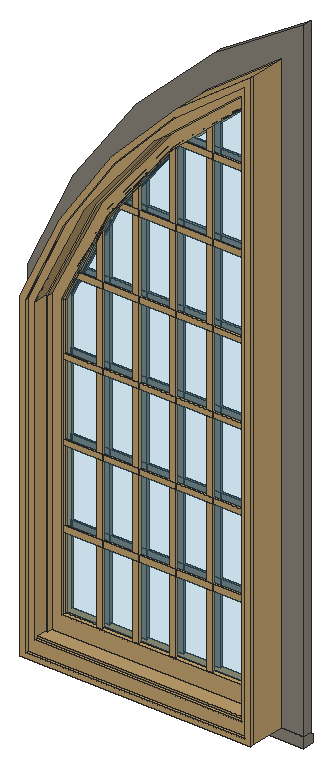
Revit family
Parameters (values of type "CUDHRTP-NG RT26")
  Window Type = "Clad Ultimate DH Round Top Picture RT26 - NG"
  Void Offset 2 = if(Subsill Visibility, 0' 0", 0' 9")  # 0' - 0"
  Void Offset = if(Casing Visibility, 0' 0", 0' 9")  # 0' - 0"
  URL = "www.marvin.com"
  Subsill Height_2 = if(Subsill A217, 0' 1 11/32", 0' 0 9/16")  # 0' - 1 11/32"
  Subsill Height = if(Subsill A217 Visibility, 0' 1 11/32", if(Subsill A246 Visibility, 0' 0 9/16", 0' 0"))  # 0' - 1 11/32"
  Subsill A246 Visibility = and(Subsill Visibility, Subsill A246)  # no
  Subsill A217 Visibility = and(Subsill Visibility, Subsill A217)  # yes
  Radius = 6' - 0"
  Muntins Interior Visibility = yes
  Muntins Interior Material = Wood-Marvin-Pine
  Muntins Exterior Visibility = yes
  Muntins Exterior Material = Aluminum-Marvin-Bronze
  Mask Offset [instance] = if(Inset to Installation Flange = 0' 1 3/32", 0' 0 1/32", 0' 0")  # 0' - 0"
  Lites Wide = 5
  Lites High = 7
  Interior Material = Wood-Marvin-Pine
  Frame = "Aluminum Clad"
  Flat Casing Visibility = and(Casing Visibility, Flat Casing)  # yes
  Egress Window = ""
  Design Pressure = "DP50"
  Cladding Material = Aluminum-Marvin-Bronze
  Center_V = sin(Angle 3) * Radius  # 2' - 1.58429"
  Center_H = cos(Angle 3) * Radius  # 5' - 7.30115"
  Casing Width_2 = if(BMC, 0' 1 5/16", 0' 3")  # 0' - 3"
  Casing Visibility = yes
  Subsill Visibility = yes
  BMC Visibility = and(Casing Visibility, BMC)  # no
  BMC = no
  Flat Casing = not(BMC)  # yes
  Subsill A246 = no
  Subsill A217 = not(Subsill A246)  # yes
  Glazing Material = Glass-Marvin-IG Low E II with Argon
  Springline = 3' - 6"
  Nominal Width = 2' - 6"
  Nominal Height = 6' - 6"
  Model = "CUDHRTP-NG RT26"
  Mask [instance] = Inset to Installation Flange > 0' 1 3/32"  # no
  Manufacturer = "Marvin Windows and Doors"
  Label Visibility = no
  Glass Type = "IG Low E II with Argon"
  Family created by = "www.rbuiltcomponents.com"
  Rough Width = Width + 0' 1"  # 2' - 7"
  Rough Height = Height + 0' 0 1/2"  # 6' - 6 1/2"
  Jamb Extension Visibility = yes
  Inset to Installation Flange [instance] = 0' - 1"
  Height = Nominal Height  # 6' - 6"
  Description = "DH RT26"
  Default Head Height = 8' - 0"
  Wall Closure = (empty or 0)
  Width = Nominal Width  # 2' - 6"
  DLO Width = Width - 0' 6 17/32"  # 1' - 11 15/32"
  DLO Height = Height - 0' 8 5/64"  # 5' - 9 59/64"
  Casing Width = if(BMC Visibility, 0' 1 5/16", if(Flat Casing Visibility, 0' 3", 0' 0"))  # 0' - 3"
  Assembly Code = ""
  Bulge = Radius - (sqrt(Radius ^ 2 - (Chord ^ 2 / 4)))  # 0' - 3.91917"
  Chord = sqrt((Height - Springline) ^ 2 + Width ^ 2)  # 3' - 10.8615"
  Angle 3 = Angle 1 - Angle 2  # 20.8141°
  Angle 2 = asin(0.5 * Chord / Radius)  # 18.9915°
  Angle 1 = asin(Width / Chord)  # 39.8056°
Reference planes (in)
  plane 1 "Center (Front/Back)": y = 0
  plane 2: z = 0
  plane 3 "Center (Left/Right)": x = -3
  plane 4 "Left": x = -18
  plane 5 "Right": x = 12
  plane 6 "Sill": z = 18
  plane 7 "Top": z = 96
  plane 8 "Inset": y = 2
  plane 9 "Glazing": y = 1.40625
  plane 10 "Jamb Ext Face": y = -2.5625
  plane 11: z = 57.77344
  plane 12: z = 60
  plane 13: y = -2.59375
  plane 14: z = 22.8125
  plane 15 "Glazing2": y = 0.40625
  plane 16: z = 92.73438
  plane 17: x = 49.30115
  plane 18: z = 34.41571
Forms (in)
  Sweep 1, solid, material "Wood-Marvin-Pine" <- "Interior Material"
    path origin (0, 2, 0) x (1, 0, 0) y (0, 0, 1)
      loop
        line (12, 18) -> (12, 96)
        arc (12, 96) -> (-6.01079, 80.50899) -> (-18, 60) r 72
        line (-18, 60) -> (-18, 18)
    profile "Profile_Ext_Clad_Frame : Profile_Ext_Clad_Frame" origin (-18, 2, 39) x (1, 0, 0) y (0, -1, 0)
      loop
        line (0, 0) -> (0, -1.09401) -> (0.59375, -1.09401) -> (0.66381, -0.62526) -> (0.9375, -0.62526) -> (0.9375, -0.21901) -> (1.78125, -0.21901) -> (1.78125, 0.12474) -> (1.5625, 0.12474) -> (1.5625, 2) -> (1.78125, 2) -> (1.78125, 2.75) -> (1.5, 2.75) -> (1.5, 4.5625) -> (0, 4.5625) -> (0, 0.0625) -> (0.0625, 0.0625) -> (0.0625, 0) -> (0, 0)
  Extrusion 2, solid, material "Glass-Marvin-IG Low E II with Argon" <- "Glazing Material"
    sketch origin (0, 1.40625, 0) x (1, 0, 0) y (0, 0, 1)
      loop
        line (9.48437, 22.07813) -> (9.48437, 91.36045)
        arc (9.48437, 91.36045) -> (-5.36735, 77.30433) -> (-15.48438, 59.53373) r 69.48437
        line (-15.48438, 59.53373) -> (-15.48438, 22.07813) -> (9.48437, 22.07813)
    from 0 to 0.1875
  Extrusion 3, void
    sketch origin (0, 0, 0) x (1, 0, 0) y (0, 0, 1)
      loop
        line (12, 18) -> (12, 96)
        arc (12, 96) -> (-6.01079, 80.50899) -> (-18, 60) r 72
        line (-18, 60) -> (-18, 18) -> (12, 18)
    from -3 to 3
  Sweep 4, solid, material "Aluminum-Marvin-Bronze" <- "Cladding Material", visible <- "BMC Visibility"
    path origin (0, 2, 0) x (1, 0, 0) y (0, 0, 1)
      loop
        line (12, 18) -> (12, 96)
        arc (12, 96) -> (-6.01079, 80.50899) -> (-18, 60) r 72
        line (-18, 60) -> (-18, 18)
    profile "BMC_Clad : BMC_Clad" origin (-18, 2, 39) x (1, 0, 0) y (0, -1, 0)
      loop
        line (-0.71589, -1.25) -> (-0.38081, -1.09375) -> (0, -1.09375) -> (0, 0) -> (-1.3125, 0) -> (-1.3125, -1.25) -> (-0.71589, -1.25)
  Sweep 5, solid, material "Aluminum-Marvin-Bronze" <- "Cladding Material", visible <- "Flat Casing Visibility"
    path origin (0, 2, 0) x (1, 0, 0) y (0, 0, 1)
      loop
        line (-18, 18) -> (-18, 60)
        arc (-18, 60) -> (-6.01079, 80.50899) -> (12, 96) r 72
        line (12, 96) -> (12, 18)
    profile "Flat_Casing_Clad : Flat_Casing_Clad" origin (12, 2, 57) x (1, 0, 0) y (0, -1, 0)
      loop
        line (3, -1.09375) -> (3, 0) -> (0, 0) -> (0, -1.09375) -> (3, -1.09375)
  Sweep 6, solid, material "Aluminum-Marvin-Bronze" <- "Cladding Material", visible <- "Subsill Visibility"
    path origin (0, 2, 0) x (1, 0, 0) y (0, 0, 1)
      loop
        line (15, 18) -> (-21, 18)
    profile origin (-3, 2, 18) x (0, 0, -1) y (0, -1, 0)
      loop
        line (0, 0) -> (0, -1.09401) -> (0.15265, -1.09401) -> (0.1875, -1.34375) -> (1.34375, -1.34375) -> (1.34375, 0) -> (0, 0)
  Sweep 7, void
    path origin (0, 2, 0) x (1, 0, 0) y (0, 0, 1)
      loop
        line (-18, 18) -> (-18, 60)
        arc (-18, 60) -> (-6.01079, 80.50899) -> (12, 96) r 72
        line (12, 96) -> (12, 18)
    profile origin (12, 2, 57) x (0, -1, 0) y (1, 0, 0)
      loop
        line (0, 0) -> (0, 3) -> (-13, 3) -> (-13, 0) -> (0, 0)
  Sweep 8, void
    path origin (0, 2, 0) x (1, 0, 0) y (0, 0, 1)
      loop
        line (-21, 18) -> (15, 18)
    profile origin (-3, 2, 18) x (0, 0, 1) y (0, -1, 0)
      loop
        line (0, 0) -> (-1.34375, 0) -> (-1.34375, -12) -> (0, -12) -> (0, 0)
  Sweep 9, solid, material "Wood-Marvin-Pine" <- "Interior Material", visible <- "Jamb Extension Visibility"
    path origin (0, -2.5625, 0) x (1, 0, 0) y (0, 0, 1)
      loop
        line (12, 18) -> (12, 96)
        arc (12, 96) -> (-6.01079, 80.50899) -> (-18, 60) r 72
        line (-18, 60) -> (-18, 18) -> (12, 18)
    profile origin (-3, -2.5625, 18) x (0, 0, -1) y (0, -1, 0)
      loop
        line (0, 0.03125) -> (0, 0.4375) -> (-0.6875, 0.4375) -> (-0.6875, 0.03125) -> (0, 0.03125)
  Sweep 10, solid, material "Wood-Marvin-Pine" <- "Interior Material"
    path origin (0, 2, 0) x (1, 0, 0) y (0, 0, 1)
      loop
        line (-18, 18) -> (12, 18)
    profile "Clad Sill : Clad Sill" origin (-3, 2, 18) x (0, 0, 1) y (0, -1, 0)
      loop
        line (0, 4.5625) -> (0, -1.09375) -> (0.59375, -1.09375) -> (0.72218, -0.23438) -> (0.80316, -0.23438) -> (1.36026, 2) -> (2.46875, 2) -> (2.46875, 4.09375) -> (2.22769, 4.09375) -> (2.22769, 4.5625) -> (0, 4.5625)
  Sweep 11, solid, material "Wood-Marvin-Pine" <- "Interior Material"
    path origin (0, 2, 0) x (1, 0, 0) y (0, 0, 1)
      loop
        arc (12, 96) -> (-6.01079, 80.50899) -> (-18, 60) r 72
        line (-18, 60) -> (-18, 19.5625) -> (12, 19.5625) -> (12, 96)
    profile "Sash : Sash" origin (12, 2, 57.78125) x (1, 0, 0) y (0, -1, 0)
      loop
        line (-1.60938, 0.59375) -> (-1.60937, 2) -> (-3.04662, 2) -> (-3.04662, 1.93308) -> (-3.26562, 1.71407) -> (-3.26562, 1.5625) -> (-2.51562, 1.5625) -> (-2.51563, 0.59375) -> (-3.26562, 0.59375) -> (-3.26562, 0.5578) -> (-3.07813, 0.40113) -> (-3.07813, 0.25) -> (-1.60938, 0.25) -> (-1.60938, 0.59375)
  Extrusion 12, solid, material "Glass-Marvin-IG Low E II with Argon" <- "Glazing Material"
    sketch origin (0, 0.40625, 0) x (1, 0, 0) y (0, 0, 1)
      loop
        arc (9.48437, 91.36045) -> (-5.36735, 77.30433) -> (-15.48438, 59.53373) r 69.48437
        line (-15.48438, 59.53373) -> (-15.48438, 22.07813) -> (9.48437, 22.07813) -> (9.48437, 91.36045)
    from 0 to -0.1875
  Sweep 13, solid, material "Wood-Marvin-Pine" <- "Interior Material"
    path in 3D
      loop
        line (10.39062, 1.75, 21.17188) -> (-16.39063, 1.75, 21.17188)
    profile "Clad Sash bottom ext : Clad Sash bottom ext" origin (-3, 1.75, 21.17188) x (0, 1, 0) y (0, 0, -1)
      loop
        line (-1.75, 1.8125) -> (-1.75, 0) -> (0, 0) -> (0, 2.1875) -> (-0.25, 2.1875) -> (-0.25, 1.8125) -> (-1.75, 1.8125)
Cuts and joins
  joined: Sweep 1, Sweep 10
  joined: Sweep 11, Sweep 13
Lines and regions (in)
  Masking region 1
    outline origin (0, 0, 18) x (0, -1, 0) y (1, 0, 0)
      loop
        line (-3.09401, -18) -> (2.5625, -18) -> (2.5625, 12) -> (-3.09401, 12) -> (-3.09401, -18)
  Masking region 2
    outline origin (-3, 0, 0) x (0, 1, 0) y (0, 0, 1)
      loop
        line (3.09375, 96) -> (-2.5625, 96) -> (-2.5625, 18) -> (3.09375, 18) -> (3.09375, 96)
  Masking region 3, visible <- "Mask"
    outline origin (0, 0, 18) x (0, -1, 0) y (1, 0, 0)
      loop
        line (-3.09401, -21) -> (-3, -21) -> (-3, 15) -> (-3.09401, 15) -> (-3.09401, -21)
  Masking region 4, visible <- "Mask"
    outline origin (-3, 0, 0) x (0, 1, 0) y (0, 0, 1)
      loop
        line (3.09375, 99) -> (3, 99) -> (3, 16.65625) -> (3.09375, 16.65625) -> (3.09375, 99)
  Masking region 5, visible <- "Casing Visibility"
    outline origin (0, 0, 18) x (0, -1, 0) y (1, 0, 0)
      loop
        line (-3.09375, -21) -> (-2, -21) -> (-2, -18) -> (-3.09375, -18) -> (-3.09375, -21)
      loop
        line (-3.09375, 12) -> (-2, 12) -> (-2, 15) -> (-3.09375, 15) -> (-3.09375, 12)
  Masking region 6, visible <- "Subsill Visibility"
    outline origin (-3, 0, 0) x (0, 1, 0) y (0, 0, 1)
      loop
        line (3.34375, 16.65625) -> (3.34375, 17.8125) -> (3.09401, 17.84735) -> (3.09401, 18) -> (2, 18) -> (2, 16.65625) -> (3.34375, 16.65625)
  Masking region 7, visible <- "Casing Visibility"
    outline origin (-3, 0, 0) x (0, 1, 0) y (0, 0, 1)
      loop
        line (3.09375, 99) -> (2, 99) -> (2, 96) -> (3.09375, 96) -> (3.09375, 99)
  Masking region 8
    outline origin (0, 0, 18) x (0, -1, 0) y (1, 0, 0)
      loop
        line (2.59375, -18) -> (3, -18) -> (3, 12) -> (2.59375, 12) -> (2.59375, -18)
  Masking region 9
    outline origin (-3, 0, 0) x (0, 1, 0) y (0, 0, 1)
      loop
        line (-2.59375, 96) -> (-3, 96) -> (-3, 18) -> (-2.59375, 18) -> (-2.59375, 96)
  Split face 1
    outline origin (-18, 2, 18) x (0, 0, -1) y (0, -1, 0)
      loop
        line (-0.8616, 0) -> (0, 0)
  Split face 2
    outline origin (12, 2, 18) x (0, -1, 0) y (0, 0, -1)
      loop
        line (0, -0.8616) -> (0, 0)
  Split face 3
    outline origin (-18, 3.09375, 18) x (0, -1, 0) y (1, 0, 0)
      loop
        line (1.09375, 30) -> (1.09375, 0)
  symbolic lines, style "Jamb Extension", visible <- "Jamb Extension Visibility", detail levels fine
    curve 1: line (-3, -3, 95.3125) -> (-3, -2.59375, 95.3125)
    curve 2: line (-3, -3, 18.6875) -> (-3, -2.59375, 18.6875)
    curve 34: line (-17.3125, -2.59375, 18) -> (-17.3125, -3, 18)
    curve 35: line (11.3125, -3, 18) -> (11.3125, -2.59375, 18)
    curve 36: line (12, -3, 18) -> (11.3125, -3, 18)
    curve 37: line (-17.3125, -3, 18) -> (-18, -3, 18)
  symbolic lines, style "WindowsFrameMullionProjection", detail levels coarse+medium
    curve 3: line (12, -2.5625, 18) -> (10.5, -2.5625, 18)
    curve 4: line (-18, -2.5625, 18) -> (-16.5, -2.5625, 18)
    curve 5: line (-3, 3.09401, 96) -> (-3, 3.09401, 94.5)
    curve 6: line (-3, 3.09401, 94.5) -> (-3, -2.5625, 94.5)
    curve 7: line (-3, -2.5625, 94.5) -> (-3, -2.5625, 96)
    curve 8: line (-3, 1.75, 94.5) -> (-3, 1.75, 92.73438)
    curve 9: line (-3, 1.75, 92.73438) -> (-3, 0, 92.73438)
    curve 10: line (-3, 0, 19.36026) -> (-3, 0, 22.8125)
    curve 11: line (-3, 3.09401, 18) -> (-3, 3.09401, 18.58883)
    curve 12: line (-3, -2.5625, 20.46875) -> (-3, -2.5625, 18)
    curve 13: line (-3, 1.75, 22.8125) -> (-3, 0, 22.8125)
    curve 14: line (-3, 0, 22.8125) -> (-3, 0, 92.73438)
    curve 15: line (-3, 1.75, 22.8125) -> (-3, 1.75, 18.92393)
    curve 16: line (-3, 0, 92.73438) -> (-3, 0, 94.5)
    curve 17: line (-3, 1.75, 92.73438) -> (-3, 1.75, 22.8125)
    curve 58: line (-3, -3, 96) -> (-3, 3.09375, 96)
    curve 69: line (-18, 3.09375, 18) -> (-18, -3, 18)
    curve 70: line (12, -3, 18) -> (12, 3.09375, 18)
    curve 78: line (-3, 0, 19.36026) -> (-3, 3.09401, 18.58883)
    curve 79: line (-3, 0, 20.46875) -> (-3, -2.5625, 20.46875)
    curve 80: line (10.5, -2.5625, 18) -> (10.5, 3.09401, 18)
    curve 81: line (10.5, 3.09401, 18) -> (12, 3.09401, 18)
    curve 82: line (10.5, 1.75, 18) -> (8.73437, 1.75, 18)
    curve 83: line (8.73437, 1.75, 18) -> (8.73437, 0, 18)
    curve 84: line (-16.5, 0, 18) -> (-14.73438, 0, 18)
    curve 85: line (-16.5, -2.5625, 18) -> (-16.5, 3.09401, 18)
    curve 86: line (-16.5, 3.09401, 18) -> (-18, 3.09401, 18)
    curve 87: line (-14.73438, 1.75, 18) -> (-14.73438, 0, 18)
    curve 88: line (8.73437, 1.75, 18) -> (-14.73438, 1.75, 18)
    curve 89: line (8.73437, 0, 18) -> (10.5, 0, 18)
    curve 90: line (-14.73438, 1.75, 18) -> (-16.5, 1.75, 18)
    curve 92: line (-14.73438, 0, 18) -> (8.73437, 0, 18)
  symbolic lines, style "Jamb Extension", visible <- "Jamb Extension Visibility"
    curve 18: line (-3, -3, 18.6875) -> (-3, -3, 18)
    curve 19: line (-3, -3, 95.3125) -> (-3, -3, 96)
  symbolic lines, style "WindowsFrameMullionProjection", visible <- "Jamb Extension Visibility", detail levels coarse+medium
    curve 20: line (-3, -2.59375, 95.3125) -> (-3, -3, 95.3125)
    curve 21: line (-3, -3, 95.3125) -> (-3, -3, 96)
    curve 22: line (-3, -2.59375, 18.6875) -> (-3, -3, 18.6875)
    curve 23: line (-3, -3, 18.6875) -> (-3, -3, 18)
    curve 38: line (-17.3125, -2.59375, 18) -> (-17.3125, -3, 18)
    curve 39: line (-18, -3, 18) -> (-17.3125, -3, 18)
    curve 40: line (11.3125, -3, 18) -> (11.3125, -2.59375, 18)
    curve 41: line (11.3125, -3, 18) -> (12, -3, 18)
  symbolic lines, style "Jamb Extension", visible <- "BMC Visibility", detail levels fine
    curve 24: line (-19.3125, 3.25, 18) -> (-18.71589, 3.25, 18)
    curve 25: line (-18.71589, 3.25, 18) -> (-18.38081, 3.09375, 18)
    curve 26: line (-19.3125, 3.09375, 18) -> (-19.3125, 3.25, 18)
    curve 27: line (12.71589, 3.25, 18) -> (13.3125, 3.25, 18)
    curve 28: line (12.38081, 3.09375, 18) -> (12.71589, 3.25, 18)
    curve 29: line (13.3125, 3.25, 18) -> (13.3125, 3.09375, 18)
    curve 30: line (-18.38081, 3.09375, 18) -> (-18, 3.09375, 18)
    curve 31: line (12.38081, 3.09375, 18) -> (12, 3.09375, 18)
    curve 60: line (-3, 3.25, 96.65144) -> (-3, 3.25, 99)
    curve 61: line (-3, 3.09375, 96) -> (-3, 3.09375, 96.38081)
    curve 62: line (-3, 3.09375, 96.38081) -> (-3, 3.25, 96.65144)
    curve 63: line (-3, 3.25, 99) -> (-3, 3.09375, 99)
  symbolic lines, style "Jamb Extension", visible <- "Flat Casing Visibility", detail levels fine
    curve 32: line (-18, 3.09375, 18) -> (-21, 3.09375, 18)
    curve 33: line (15, 3.09375, 18) -> (12, 3.09375, 18)
    curve 67: line (-3, 3.09375, 96) -> (-3, 3.09375, 99)
    curve 68: line (-3, 3.09375, 99) -> (-3, 2, 99)
  symbolic lines, style "WindowsFrameMullionProjection", visible <- "BMC Visibility", detail levels coarse+medium
    curve 42: line (-19.3125, 2, 18) -> (-19.3125, 3.25, 18)
    curve 43: line (-19.3125, 3.25, 18) -> (-18.71589, 3.25, 18)
    curve 44: line (-18.71589, 3.25, 18) -> (-18.38081, 3.09375, 18)
    curve 45: line (-18.38081, 3.09375, 18) -> (-18, 3.09375, 18)
    curve 46: line (13.3125, 3.25, 18) -> (13.3125, 2, 18)
    curve 47: line (12.38081, 3.09375, 18) -> (12.71589, 3.25, 18)
    curve 48: line (12.71589, 3.25, 18) -> (13.3125, 3.25, 18)
    curve 49: line (12, 3.09375, 18) -> (12.38081, 3.09375, 18)
    curve 55: line (-3, 3.25, 96.65144) -> (-3, 3.25, 99)
    curve 56: line (-3, 3.09375, 96) -> (-3, 3.09375, 96.38081)
    curve 57: line (-3, 3.09375, 96.38081) -> (-3, 3.25, 96.65144)
    curve 59: line (-3, 3.25, 99) -> (-3, 2, 99)
    curve 93: line (12, 3.09375, 18) -> (12.38081, 3.09375, 18)
  symbolic lines, style "WindowsFrameMullionProjection", visible <- "Flat Casing Visibility", detail levels coarse+medium
    curve 50: line (15, 3.09375, 18) -> (12, 3.09375, 18)
    curve 51: line (15, 3.09375, 18) -> (15, 2, 18)
    curve 52: line (-21, 2, 18) -> (-21, 3.09375, 18)
    curve 53: line (-18, 3.09375, 18) -> (-21, 3.09375, 18)
    curve 65: line (-3, 3.09375, 96) -> (-3, 3.09375, 99)
    curve 66: line (-3, 3.09375, 99) -> (-3, 2, 99)
  symbolic lines, style "WindowsGlassProjection", detail levels coarse+medium
    curve 54: line (-3, 0.875, 22.8125) -> (-3, 0.875, 92.73438)
    curve 91: line (-14.73438, 0.875, 18) -> (8.73437, 0.875, 18)
  symbolic lines, style "WindowsFrameMullionProjection", visible <- "Casing Visibility", detail levels coarse+medium
    curve 64: line (-3, 2, 99) -> (-3, 2, 96)
  symbolic lines, style "WindowsFrameMullionProjection", visible <- "Subsill Visibility", detail levels coarse+medium
    curve 71: line (-3, 3.09401, 17.84735) -> (-3, 3.09401, 18)
    curve 72: line (-3, 3.34375, 17.8125) -> (-3, 3.09401, 17.84735)
    curve 73: line (-3, 3.34375, 16.65625) -> (-3, 3.34375, 17.8125)
    curve 74: line (-3, 2, 16.65625) -> (-3, 3.34375, 16.65625)
  reference lines
    curve 75: line (-18, 2, 60) -> (12, 2, 96)
    curve 76: arc (-18, 2, 60) -> (-6.01079, 2, 80.50899) -> (12, 2, 96) r 72
  sketch lines
    curve 77: line (10.39062, 1.75, 21.17188) -> (-16.39063, 1.75, 21.17188)
Text (in)
  text "EXTERIOR" at (-58.6888, 50.90694, 0), in view "Ref. Level"
  text "INTERIOR" at (-58.6888, -37.76638, 0), in view "Ref. Level"
  text "Exterior" at (0, 43.65631, 123.19604), in view "Left"
  text "Exterior" at (0, 18.29385, 125.04747), in view "Right"
Dimensions and locks (in)
  equal spacing: plane 4 "Left", plane 3 "Center (Left/Right)", plane 5 "Right"
  "Width": plane 4 "Left" to plane 5 "Right"
  "Height": plane 6 "Sill" to plane 7 "Top"
  "Inset to Installation Flange": host wall to plane 8 "Inset"
  plane 15 "Glazing2" to plane 9 "Glazing" to plane 8 "Inset" = 0' - 1" locked, 0' - 0 19/32" locked
  locked: plane 10 "Jamb Ext Face" to plane 8 "Inset" at 4.5625
  "Default Head Height": plane 2 to plane 7 "Top"
  locked: nested 2 to host wall at 12.00106
  plane 9 "Glazing" to Extrusion 2 = 0' - 0 3/16"
  locked: curve 20 to plane 7 "Top" at 0.6875
  locked: plane 6 "Sill" to curve 22 at 0.6875
  equal spacing: plane 14, plane 11, plane 16
  "Casing Width": plane 5 "Right" to Sweep 6 sketch curve
  "Casing Width": Sweep 6 sketch curve to plane 4 "Left"
  locked: Sweep 6 sketch curve to Sweep 6 sketch curve at 1.34375
  "Subsill Height_2": Sweep 6 sketch curve to plane 6 "Sill"
  "Casing Width": Masking region 3 sketch curve to plane 4 "Left"
  "Casing Width": plane 5 "Right" to Masking region 3 sketch curve
  "Casing Width_2": Masking region 5 sketch curve to plane 4 "Left"
  "Casing Width_2": plane 5 "Right" to Masking region 5 sketch curve
  "Subsill Height": Masking region 4 sketch curve to plane 6 "Sill"
  "Casing Width": plane 7 "Top" to Masking region 4 sketch curve
  "Casing Width_2": plane 7 "Top" to Masking region 7 sketch curve
  "Casing Width_2": plane 5 "Right" to Sweep 7 sketch curve
  "Void Offset": plane 8 "Inset" to Sweep 7 sketch curve
  locked: Sweep 7 sketch curve to host wall at 12
  "Casing Width": Sweep 8 sketch curve to plane 4 "Left"
  "Casing Width": plane 5 "Right" to Sweep 8 sketch curve
  locked: Sweep 8 sketch curve to plane 8 "Inset" at 12
  "Void Offset 2": Sweep 8 sketch curve to plane 8 "Inset"
  "Subsill Height_2": Sweep 8 sketch curve to plane 6 "Sill"
  "Springline": plane 6 "Sill" to plane 12
  locked: Sweep 9 sketch curve to profile plane at 0.6875
  locked: plane 9 "Glazing" to nested 5 at 1.03125
  locked: plane 13 to plane 10 "Jamb Ext Face" at 0.03125
  "Mask Offset": Masking region 3 sketch curve to host wall
  "Mask Offset": Masking region 4 sketch curve to host wall
  locked: plane 6 "Sill" to plane 14 at 4.8125
  locked: Sweep 11 sketch curve to plane 14 at 3.25
  locked: plane 16 to plane 7 "Top" at 3.26563
  equal spacing: curve 15, curve 54, curve 10
  equal spacing: curve 90, curve 91, curve 84
  "Center_H": plane 4 "Left" to plane 17
  "Center_V": plane 18 to plane 12
  "Radius": radius of curve 76
  aligned and locked: nested 1 to plane 3 "Center (Left/Right)"
  aligned and locked: plane 8 "Inset" to nested 1
  aligned and locked: plane 5 "Right" to Sweep 1 sketch curve
  aligned and locked: plane 5 "Right" to Masking region 1 sketch curve
  aligned and locked: Masking region 1 sketch curve to plane 4 "Left"
  aligned and locked: plane 7 "Top" to Masking region 2 sketch curve
  aligned and locked: Masking region 2 sketch curve to plane 6 "Sill"
  aligned and locked: plane 3 "Center (Left/Right)" to nested 2
  aligned and locked: curve 12 to plane 10 "Jamb Ext Face"
  aligned and locked: plane 6 "Sill" to curve 18
  aligned and locked: curve 18 to host wall
  aligned and locked: host wall to curve 21
  aligned and locked: plane 6 "Sill" to curve 23
  aligned and locked: Extrusion 2 to plane 9 "Glazing"
  aligned and locked: plane 9 "Glazing" to Extrusion 2
  aligned and locked: nested 3 to plane 6 "Sill"
  aligned and locked: host wall to Extrusion 3  (x2)
  aligned and locked: plane 5 "Right" to Extrusion 3 sketch curve
  aligned and locked: Extrusion 3 sketch curve to plane 6 "Sill"
  aligned and locked: Extrusion 3 sketch curve to plane 4 "Left"
  aligned and locked: plane 5 "Right" to Sweep 4 sketch curve  (x2)
  aligned and locked: plane 6 "Sill" to Sweep 6 sketch curve  (x2)
  aligned and locked: Sweep 6 sketch curve to plane 8 "Inset"
  aligned and locked: plane 4 "Left" to Masking region 5 sketch curve
  aligned and locked: Masking region 5 sketch curve to plane 8 "Inset"  (x2)
  aligned and locked: Masking region 5 sketch curve to plane 5 "Right"
  aligned and locked: curve 24 to Sweep 4
  aligned and locked: Sweep 4 to curve 25
  aligned and locked: Sweep 4 to curve 26
  aligned and locked: curve 28 to Sweep 4
  aligned and locked: curve 31 to Sweep 4
  aligned and locked: plane 5 "Right" to curve 31
  aligned and locked: curve 32 to Masking region 5
  aligned and locked: curve 42 to Sweep 4
  aligned and locked: curve 45 to Sweep 4
  aligned and locked: curve 46 to Sweep 4
  aligned and locked: curve 50 to Masking region 5
  aligned and locked: curve 51 to Sweep 5
  aligned and locked: curve 52 to Sweep 5
  aligned and locked: Masking region 2 sketch curve to Sweep 5
  aligned and locked: nested 3 to plane 8 "Inset"
  aligned and locked: Masking region 4 sketch curve to Sweep 5
  aligned and locked: Masking region 6 sketch curve to Sweep 6  (x6)
  aligned and locked: Masking region 7 sketch curve to plane 7 "Top"
  aligned and locked: Masking region 7 sketch curve to plane 8 "Inset"
  aligned and locked: Sweep 5 to Masking region 7 sketch curve
  aligned and locked: Sweep 4 to curve 56
  aligned and locked: curve 58 to nested 3
  aligned and locked: curve 59 to Masking region 7
  aligned and locked: Sweep 4 to curve 60
  aligned and locked: curve 64 to Sweep 4
  aligned and locked: curve 68 to Masking region 7
  aligned and locked: curve 69 to Sweep 5
  aligned and locked: curve 70 to Sweep 5
  aligned and locked: curve 71 to Sweep 6
  aligned and locked: curve 72 to Sweep 6
  aligned and locked: curve 73 to Sweep 6
  aligned and locked: curve 74 to Sweep 6
  aligned and locked: plane 5 "Right" to Sweep 7 sketch curve
  aligned and locked: Sweep 8 sketch curve to plane 6 "Sill"  (x2)
  aligned and locked: Sweep 5 sketch curve to plane 5 "Right"
  aligned and locked: Sweep 7 sketch curve to plane 5 "Right"
  aligned and locked: Sweep 9 sketch curve to plane 6 "Sill"
  aligned and locked: Sweep 9 sketch curve to plane 5 "Right"
  aligned and locked: host wall to Sweep 9 sketch curve
  aligned and locked: plane 6 "Sill" to Sweep 9 sketch curve
  aligned and locked: plane 7 "Top" to curve 76
  aligned and locked: plane 4 "Left" to curve 76
  aligned and locked: plane 4 "Left" to Sweep 1 sketch curve
  aligned and locked: plane 4 "Left" to Sweep 4 sketch curve
  aligned and locked: plane 4 "Left" to Sweep 7 sketch curve
  aligned and locked: nested 4 to plane 9 "Glazing"
  aligned and locked: nested 4 to plane 3 "Center (Left/Right)"
  aligned and locked: nested 4 to plane 11
  aligned and locked: plane 3 "Center (Left/Right)" to nested 5
  aligned and locked: plane 11 to nested 5
  aligned and locked: host wall to curve 69
  aligned and locked: host wall to curve 70
  aligned and locked: Sweep 9 sketch curve to plane 13
  aligned and locked: plane 13 to curve 35
  aligned and locked: plane 13 to curve 40
  aligned and locked: plane 13 to curve 34
  aligned and locked: plane 13 to curve 38
  aligned and locked: Masking region 1 sketch curve to plane 10 "Jamb Ext Face"
  aligned and locked: Masking region 8 sketch curve to plane 4 "Left"
  aligned and locked: plane 5 "Right" to Masking region 8 sketch curve
  aligned and locked: plane 13 to Masking region 8 sketch curve
  aligned and locked: Masking region 8 sketch curve to host wall
  aligned and locked: plane 13 to curve 2
  aligned and locked: plane 13 to curve 22
  aligned and locked: plane 13 to curve 1
  aligned and locked: plane 13 to curve 20
  aligned and locked: Masking region 2 sketch curve to plane 10 "Jamb Ext Face"
  aligned and locked: plane 7 "Top" to Masking region 9 sketch curve
  aligned and locked: Masking region 9 sketch curve to plane 6 "Sill"
  aligned and locked: plane 13 to Masking region 9 sketch curve
  aligned and locked: Masking region 9 sketch curve to host wall
  aligned and locked: plane 6 "Sill" to Sweep 10 sketch curve
  aligned and locked: plane 5 "Right" to Sweep 10 sketch curve
  aligned and locked: plane 4 "Left" to Sweep 10 sketch curve
  aligned and locked: plane 5 "Right" to Sweep 11 sketch curve
  aligned and locked: plane 4 "Left" to Sweep 11 sketch curve
  aligned and locked: Sweep 11 sketch curve to curve 76
  aligned and locked: Extrusion 12 sketch curve to Sweep 11  (x4)
  aligned and locked: Extrusion 2 sketch curve to Sweep 11  (x4)
  aligned and locked: plane 14 to curve 13
  aligned and locked: curve 78 to nested 3
  aligned and locked: curve 79 to nested 3
  aligned and locked: curve 15 to nested 3
  aligned and locked: curve 11 to nested 3
  aligned and locked: curve 6 to nested 3
  aligned and locked: curve 5 to nested 3
  aligned and locked: plane 16 to curve 9
  aligned and locked: curve 8 to nested 3
  aligned and locked: curve 16 to nested 3
  aligned and locked: Masking region 1 sketch curve to Sweep 6
  aligned and locked: Masking region 3 sketch curve to Sweep 6
  aligned and locked: Masking region 5 sketch curve to Sweep 5  (x2)
  aligned and locked: curve 83 to curve 91
  aligned and locked: curve 87 to curve 92
  aligned and locked: curve 84 to curve 92
  aligned and locked: curve 86 to nested 1
  aligned and locked: curve 85 to nested 1
  aligned and locked: curve 90 to nested 1
  aligned and locked: curve 81 to nested 1
  aligned and locked: curve 80 to nested 1
  aligned and locked: curve 89 to nested 1
  aligned and locked: curve 82 to nested 1
  aligned and locked: curve 83 to nested 1
  aligned and locked: curve 87 to nested 1
  aligned and locked: Sweep 1 sketch curve to curve 76
  aligned and locked: Sweep 7 sketch curve to curve 76
  aligned and locked: Sweep 4 sketch curve to curve 76
  aligned and locked: Sweep 9 sketch curve to curve 76
  aligned and locked: Extrusion 3 sketch curve to curve 76
  aligned and locked: Sweep 5 sketch curve to curve 76
  aligned and locked: Sweep 5 sketch curve to plane 4 "Left"
  aligned and locked: Sweep 9 sketch curve to plane 4 "Left"
  aligned and locked: plane 17 to curve 76
  aligned and locked: plane 18 to curve 76
Automatic sketch dimensions
  Sweep 6 sketch curve to Sweep 6 sketch curve = 0' - 0.15265"
  Sweep 6 sketch curve to Sweep 6 sketch curve = 0' - 0.03485"
  Sweep 6 sketch curve to Sweep 6 sketch curve = 0' - 0.24974"
  Split face 3 sketch curve to cut or joined group of Sweep 1, Sweep 10 = 0' - 0"  (x2)
  Split face 3 sketch curve to cut or joined group of Sweep 1, Sweep 10 = 0' - 1 3/32"
  curve 81 to plane 5 "Right" = 0' - 0"
  curve 93 to plane 5 "Right" = 0' - 0"
  plane 4 "Left" to curve 86 = 0' - 0"
  plane 10 "Jamb Ext Face" to curve 80 = 0' - 0"
  plane 10 "Jamb Ext Face" to curve 85 = 0' - 0"
  curve 81 to curve 93 = 0' - 0.00026"
  curve 93 to plane 5 "Right" = 0' - 0.38081"
  curve 7 to plane 10 "Jamb Ext Face" = 0' - 0"
  curve 74 to plane 8 "Inset" = 0' - 0"
  plane 6 "Sill" to curve 71 = 0' - 0"
  plane 6 "Sill" to curve 12 = 0' - 0"
  plane 7 "Top" to curve 5 = 0' - 0"
  plane 7 "Top" to curve 64 = 0' - 0"
  curve 56 to curve 61 = 0' - 0.38081"
  curve 56 to curve 60 = 0' - 0.27063"
  plane 8 "Inset" to curve 46 = 0' - 0"
  plane 8 "Inset" to curve 51 = 0' - 0"
  plane 8 "Inset" to curve 52 = 0' - 0"
  plane 8 "Inset" to curve 42 = 0' - 0"
  plane 10 "Jamb Ext Face" to curve 4 = 0' - 0"
  plane 10 "Jamb Ext Face" to curve 3 = 0' - 0"
  curve 50 to plane 5 "Right" = 0' - 0"
  curve 46 to curve 29 = 0' - 0 5/32"
  curve 34 to plane 4 "Left" = 0' - 0 11/16"
  curve 34 to curve 4 = 0' - 0 13/16"
  curve 3 to curve 3 = 0' - 1 1/2"
  curve 40 to curve 36 = 0' - 0 11/16"
  Sweep 1 sketch curve to plane 6 "Sill" = 0' - 0"  (x2)
  Sweep 4 sketch curve to plane 6 "Sill" = 0' - 0"  (x2)
  Sweep 5 sketch curve to plane 6 "Sill" = 0' - 0"  (x2)
  Sweep 7 sketch curve to plane 6 "Sill" = 0' - 0"  (x2)
  Split face 1 sketch curve to cut or joined group of Sweep 1, Sweep 10 = 0' - 0"  (x2)
  cut or joined group of Sweep 1, Sweep 10 to Split face 1 sketch curve = 0' - 0"
  Split face 2 sketch curve to cut or joined group of Sweep 1, Sweep 10 = 0' - 0"  (x2)
  cut or joined group of Sweep 1, Sweep 10 to Split face 2 sketch curve = 0' - 0"
Nested families (in)
  nested 1: "Roundtop_Plan_Detail" at (-3, 2, 18) x (-1, 0, 0) z (0, 0, -1), type "Roundtop_Plan_Detail"
    with Width 2' - 6"
  nested 2: "Label Annotation 1-16 w4" at (-3, 15.00106, 0), visible <- "Label Visibility", type "Label Annotation 1-16 w4"
    with Nominal Width 2' - 6", Nominal Height 6' - 6"
  nested 3: "Roundtop_Section_Detail" at (-3, 2, 18) x (0, -1, 0) z (1, 0, 0), type "Roundtop_Section_Detail", detail levels fine
    with Height 6' - 6"
  nested 4: "Muntins" at (-3, 1.40625, -13.1875) x (-1, 0, 0) z (0, 0, 1), Muntin Material <- "Muntins Exterior Material", visible <- "Muntins Exterior Visibility", type "Muntins"
    with Muntin Material Aluminum-Marvin-Bronze, Radius 6' - 0", GlazingWidth 1' - 11 15/32", Width 1' - 11 29/32", Inset Vert 0' - 4 13/32", Center V 2' - 1.58429", Center H 5' - 7.30115", Bulge 0' - 3.91917"
  nested 5: "Muntins" at (-3, 0.375, -13.1875) x (-1, 0, 0) z (0, 0, 1), Muntin Material <- "Muntins Interior Material", visible <- "Muntins Interior Visibility", type "Muntins"
    with Muntin Material Wood-Marvin-Pine, Radius 6' - 0", GlazingWidth 1' - 11 15/32", Width 1' - 11 29/32", Inset Vert 0' - 4 13/32", Center V 2' - 1.58429", Center H 5' - 7.30115", Bulge 0' - 3.91917"
Definition of nested family "Muntins"
  Parameters (values of type "Muntins")
    Springline = 3' - 6"
    Radius = 12' - 6 1/16"
    GlazingWidth = 2' - 2 15/32"
    GlazingHeight = 5' - 9 59/64"
    Width = GlazingWidth + 0' 0 7/16"  # 2' - 2 29/32"
    VerticalMuntins = if(LitesHorizontal < 3, 2, LitesHorizontal - 1)  # 4
    VertMuntVisible = LitesHorizontal > 2  # yes
    MuntinWidth = 0' - 0 3/4"
    MuntinDepth = 0' - 0 1/4"
    Muntin Material [instance] = none
    LitesVertical = 7
    LitesHorizontal = 5
    HorizontalMuntins = if(LitesVertical < 3, 2, LitesVertical - 1)  # 6
    HorizMuntVisible = LitesVertical > 2  # yes
    Height = GlazingHeight + 0' 0 7/16"  # 5' - 10 23/64"
    Inset Vert = if(LitesHorizontal < 3, (Width / 3) - (MuntinWidth / 2), (Width / LitesHorizontal) - (MuntinWidth / 2))  # 0' - 5.00625"
    Inset Horiz = if(LitesVertical < 3, (Height / 3) - (MuntinWidth / 2), (Height / LitesVertical) - (MuntinWidth / 2))  # 0' - 9.67634"
    CenterMuntinVertical = LitesHorizontal = 2  # no
    CenterMuntinHorizontal = LitesVertical = 2  # no
    Center V = 6' - 10.04948"
    Center H = 10' - 5.64488"
    Bulge = 0' - 2"
    Assembly Code = ""
  Reference planes (in)
    plane 1 "Center (Front/Back)": y = 0
    plane 2: z = 0
    plane 3 "Center (Left/Right)": x = 0
    plane 4: z = 35.78125
    plane 5: z = 70.96094
    plane 6: z = 106.14063
    plane 7: z = 96.46429
    plane 8: z = 45.45759
    plane 9: z = 105.92188
    plane 10: z = 36
    plane 11: x = -13.23437
    plane 12: x = 13.23438
    plane 13: x = -8.44687
    plane 14: x = -13.45312
    plane 15: x = 13.45313
    plane 16: x = 8.44688
    plane 17: z = 31.1875
    plane 18: z = 71.09375
    plane 19: x = -16.5
    plane 20: x = 16.5
    plane 21: z = 109.1875
    plane 22: z = 73.1875
    plane 23: z = -8.86198
    plane 24: x = -109.14488
  Forms (in)
    Extrusion 1, solid, material <- "Muntin Material", visible <- "CenterMuntinVertical", detail levels medium+fine
      sketch origin (9, 0, 0) x (1, 0, 0) y (0, 0, 1)
        loop
          line (-9.375, 106.14063) -> (-9.375, 35.78125) -> (-8.625, 35.78125) -> (-8.625, 106.14063) -> (-9.375, 106.14063)
      from 0 to 0.25 <- "MuntinDepth"
    Extrusion 2, solid, material <- "Muntin Material", visible <- "CenterMuntinHorizontal", detail levels medium+fine
      sketch origin (-0.0013, 0, 14.6875) x (1, 0, 0) y (0, 0, 1)
        loop
          line (-13.45182, 56.64844) -> (-13.45182, 55.89844) -> (13.45443, 55.89844) -> (13.45443, 56.64844) -> (-13.45182, 56.64844)
      from 0 to 0.25 <- "MuntinDepth"
    Extrusion 3, solid, material <- "Muntin Material", visible <- "VertMuntVisible", detail levels medium+fine
      sketch origin (1.94301, 0, -2.90625) x (1, 0, 0) y (0, 0, 1)
        loop
          line (-10.38988, 109.04688) -> (-10.38988, 38.6875) -> (-9.63988, 38.6875) -> (-9.63988, 109.04688) -> (-10.38988, 109.04688)
      from 0 to 0.25 <- "MuntinDepth"
    Extrusion 4, solid, material <- "Muntin Material", visible <- "HorizMuntVisible", detail levels medium+fine
      sketch origin (-1.86198, 0, -0.43973) x (1, 0, 0) y (0, 0, 1)
        loop
          line (-11.59115, 46.64732) -> (-11.59115, 45.89732) -> (15.3151, 45.89732) -> (15.3151, 46.64732) -> (-11.59115, 46.64732)
      from 0 to 0.25 <- "MuntinDepth"
    Extrusion 5, solid, material <- "Muntin Material", visible <- "CenterMuntinVertical", detail levels coarse
      sketch origin (9, 0, 0) x (1, 0, 0) y (0, 0, 1)
        loop
          line (-9.03125, 106.14063) -> (-9.03125, 35.78125) -> (-8.96875, 35.78125) -> (-8.96875, 106.14063) -> (-9.03125, 106.14063)
      from 0 to 0.0625
    Extrusion 6, solid, material <- "Muntin Material", visible <- "VertMuntVisible", detail levels coarse
      sketch origin (1.92738, 0, 0) x (1, 0, 0) y (0, 0, 1)
        loop
          line (-10.01488, 106.14063) -> (-10.01488, 35.78125) -> (-9.98363, 35.78125) -> (-9.98363, 106.14063) -> (-10.01488, 106.14063)
      from 0 to 0.0625
    Extrusion 7, solid, material <- "Muntin Material", visible <- "CenterMuntinHorizontal", detail levels coarse
      sketch origin (-0.0013, 0, 14.6875) x (1, 0, 0) y (0, 0, 1)
        loop
          line (-13.45182, 56.30469) -> (-13.45182, 56.24219) -> (13.45443, 56.24219) -> (13.45443, 56.30469) -> (-13.45182, 56.30469)
      from 0 to 0.0625
    Extrusion 8, solid, material <- "Muntin Material", visible <- "HorizMuntVisible", detail levels coarse
      sketch origin (-7.86068, 0, -3.08036) x (1, 0, 0) y (0, 0, 1)
        loop
          line (-5.59245, 48.95982) -> (-5.59245, 48.89732) -> (21.3138, 48.89732) -> (21.3138, 48.95982) -> (-5.59245, 48.95982)
      from 0 to 0.0625
    Extrusion 9, solid, material <- "Muntin Material", visible <- "VertMuntVisible", detail levels medium+fine
      sketch origin (18.08676, 0, -2.90625) x (1, 0, 0) y (0, 0, 1)
        loop
          line (-10.38988, 109.04688) -> (-10.38988, 38.6875) -> (-9.63988, 38.6875) -> (-9.63988, 109.04688) -> (-10.38988, 109.04688)
      from 0 to 0.25 <- "MuntinDepth"
    Extrusion 10, solid, material <- "Muntin Material", visible <- "VertMuntVisible", detail levels coarse
      sketch origin (18.07113, 0, 0) x (1, 0, 0) y (0, 0, 1)
        loop
          line (-10.01488, 106.14063) -> (-10.01488, 35.78125) -> (-9.98363, 35.78125) -> (-9.98363, 106.14063) -> (-10.01488, 106.14063)
      from 0 to 0.0625
    Extrusion 11, solid, material <- "Muntin Material", visible <- "VertMuntVisible", detail levels medium+fine
      sketch origin (7.32426, 0, -2.90625) x (1, 0, 0) y (0, 0, 1)
        loop
          line (-10.38988, 109.04688) -> (-10.38988, 38.6875) -> (-9.63988, 38.6875) -> (-9.63988, 109.04688) -> (-10.38988, 109.04688)
      from 0 to 0.25 <- "MuntinDepth"
    Extrusion 12, solid, material <- "Muntin Material", visible <- "VertMuntVisible", detail levels coarse
      sketch origin (7.30863, 0, 0) x (1, 0, 0) y (0, 0, 1)
        loop
          line (-10.01488, 106.14063) -> (-10.01488, 35.78125) -> (-9.98363, 35.78125) -> (-9.98363, 106.14063) -> (-10.01488, 106.14063)
      from 0 to 0.0625
    Extrusion 13, solid, material <- "Muntin Material", visible <- "HorizMuntVisible", detail levels medium+fine
      sketch origin (-1.86198, 0, 49.81696) x (1, 0, 0) y (0, 0, 1)
        loop
          line (-11.59115, 46.64732) -> (-11.59115, 45.89732) -> (15.3151, 45.89732) -> (15.3151, 46.64732) -> (-11.59115, 46.64732)
      from 0 to 0.25 <- "MuntinDepth"
    Extrusion 14, solid, material <- "Muntin Material", visible <- "HorizMuntVisible", detail levels coarse
      sketch origin (-7.86068, 0, 47.17634) x (1, 0, 0) y (0, 0, 1)
        loop
          line (-5.59245, 48.95982) -> (-5.59245, 48.89732) -> (21.3138, 48.89732) -> (21.3138, 48.95982) -> (-5.59245, 48.95982)
      from 0 to 0.0625
    Extrusion 15, solid, material <- "Muntin Material", visible <- "HorizMuntVisible", detail levels medium+fine
      sketch origin (-1.86198, 0, 9.61161) x (1, 0, 0) y (0, 0, 1)
        loop
          line (-11.59115, 46.64732) -> (-11.59115, 45.89732) -> (15.3151, 45.89732) -> (15.3151, 46.64732) -> (-11.59115, 46.64732)
      from 0 to 0.25 <- "MuntinDepth"
    Extrusion 16, solid, material <- "Muntin Material", visible <- "HorizMuntVisible", detail levels coarse
      sketch origin (-7.86068, 0, 6.97098) x (1, 0, 0) y (0, 0, 1)
        loop
          line (-5.59245, 48.95982) -> (-5.59245, 48.89732) -> (21.3138, 48.89732) -> (21.3138, 48.95982) -> (-5.59245, 48.95982)
      from 0 to 0.0625
    Extrusion 17, solid, material <- "Muntin Material", visible <- "HorizMuntVisible", detail levels medium+fine
      sketch origin (-1.86198, 0, 19.66295) x (1, 0, 0) y (0, 0, 1)
        loop
          line (-11.59115, 46.64732) -> (-11.59115, 45.89732) -> (15.3151, 45.89732) -> (15.3151, 46.64732) -> (-11.59115, 46.64732)
      from 0 to 0.25 <- "MuntinDepth"
    Extrusion 18, solid, material <- "Muntin Material", visible <- "HorizMuntVisible", detail levels coarse
      sketch origin (-7.86068, 0, 17.02232) x (1, 0, 0) y (0, 0, 1)
        loop
          line (-5.59245, 48.95982) -> (-5.59245, 48.89732) -> (21.3138, 48.89732) -> (21.3138, 48.95982) -> (-5.59245, 48.95982)
      from 0 to 0.0625
    Extrusion 19, solid, material <- "Muntin Material", visible <- "VertMuntVisible", detail levels medium+fine
      sketch origin (12.70551, 0, -2.90625) x (1, 0, 0) y (0, 0, 1)
        loop
          line (-10.38988, 109.04688) -> (-10.38988, 38.6875) -> (-9.63988, 38.6875) -> (-9.63988, 109.04688) -> (-10.38988, 109.04688)
      from 0 to 0.25 <- "MuntinDepth"
    Extrusion 20, solid, material <- "Muntin Material", visible <- "VertMuntVisible", detail levels coarse
      sketch origin (12.68988, 0, 0) x (1, 0, 0) y (0, 0, 1)
        loop
          line (-10.01488, 106.14063) -> (-10.01488, 35.78125) -> (-9.98363, 35.78125) -> (-9.98363, 106.14063) -> (-10.01488, 106.14063)
      from 0 to 0.0625
    Extrusion 21, solid, material <- "Muntin Material", visible <- "HorizMuntVisible", detail levels medium+fine
      sketch origin (-1.86198, 0, 29.71429) x (1, 0, 0) y (0, 0, 1)
        loop
          line (-11.59115, 46.64732) -> (-11.59115, 45.89732) -> (15.3151, 45.89732) -> (15.3151, 46.64732) -> (-11.59115, 46.64732)
      from 0 to 0.25 <- "MuntinDepth"
    Extrusion 22, solid, material <- "Muntin Material", visible <- "HorizMuntVisible", detail levels coarse
      sketch origin (-7.86068, 0, 27.07366) x (1, 0, 0) y (0, 0, 1)
        loop
          line (-5.59245, 48.95982) -> (-5.59245, 48.89732) -> (21.3138, 48.89732) -> (21.3138, 48.95982) -> (-5.59245, 48.95982)
      from 0 to 0.0625
    Extrusion 23, solid, material <- "Muntin Material", visible <- "HorizMuntVisible", detail levels medium+fine
      sketch origin (-1.86198, 0, 39.76562) x (1, 0, 0) y (0, 0, 1)
        loop
          line (-11.59115, 46.64732) -> (-11.59115, 45.89732) -> (15.3151, 45.89732) -> (15.3151, 46.64732) -> (-11.59115, 46.64732)
      from 0 to 0.25 <- "MuntinDepth"
    Extrusion 24, solid, material <- "Muntin Material", visible <- "HorizMuntVisible", detail levels coarse
      sketch origin (-7.86068, 0, 37.125) x (1, 0, 0) y (0, 0, 1)
        loop
          line (-5.59245, 48.95982) -> (-5.59245, 48.89732) -> (21.3138, 48.89732) -> (21.3138, 48.95982) -> (-5.59245, 48.95982)
      from 0 to 0.0625
    Sweep 25, void
      path in 3D
        loop
          arc (16.5, 0, 73.1875) -> (1.47431, 0, 92.53895) -> (-16.5, 0, 109.1875) r 150.0625
      profile origin (1.47431, 0, 92.53895) x (-0.737154, 0, -0.675725) y (0, -1, 0)
        loop
          line (-70.35938, -1) -> (3.03125, -1) -> (3.03125, 1) -> (-70.35938, 1) -> (-70.35938, -1)
  Cuts and joins
    Sweep 25 cuts Extrusion 1
    Sweep 25 cuts Extrusion 2
    Sweep 25 cuts Extrusion 3
    Sweep 25 cuts Extrusion 5
    Sweep 25 cuts Extrusion 6
    Sweep 25 cuts Extrusion 7
    Sweep 25 cuts Extrusion 9
    Sweep 25 cuts Extrusion 10
    Sweep 25 cuts Extrusion 11
    Sweep 25 cuts Extrusion 12
    Sweep 25 cuts Extrusion 13
    Sweep 25 cuts Extrusion 14
    Sweep 25 cuts Extrusion 19
    Sweep 25 cuts Extrusion 20
    Sweep 25 cuts Extrusion 23
    Sweep 25 cuts Extrusion 21
    Sweep 25 cuts Extrusion 17
    Sweep 25 cuts Extrusion 15
    Sweep 25 cuts Extrusion 24
    Sweep 25 cuts Extrusion 22
    Sweep 25 cuts Extrusion 18
  Lines and regions (in)
    reference lines
      curve 1: line (16.5, 0, 73.1875) -> (-16.5, 0, 109.1875)
      curve 2: line (-16.5, 0, 109.1875) -> (-16.5, 0, 31.1875)
      curve 3: line (-16.5, 0, 31.1875) -> (16.5, 0, 31.1875)
      curve 4: line (16.5, 0, 73.1875) -> (16.5, 0, 31.1875)
      curve 5: line (-13.45312, 0, 103.35905) -> (-13.45312, 0, 35.78125)
      curve 6: line (-13.45312, 0, 35.78125) -> (13.45313, 0, 35.78125)
      curve 7: line (13.45313, 0, 35.78125) -> (13.45313, 0, 72.49648)
      curve 8: arc (16.5, 0, 73.1875) -> (1.47431, 0, 92.53895) -> (-16.5, 0, 109.1875) r 150.0625
    sketch lines
      curve 9: arc (16.5, 0, 73.1875) -> (1.47431, 0, 92.53895) -> (-16.5, 0, 109.1875) r 150.0625
  Dimensions and locks (in)
    "Inset Horiz": plane 6 to plane 7
    "Inset Horiz": plane 8 to plane 4
    equal spacing: plane 6, plane 5, plane 4
    "Height": plane 6 to plane 4
    "GlazingHeight": plane 9 to plane 10
    equal spacing: plane 9, plane 5, plane 10
    "GlazingWidth": plane 12 to plane 11
    equal spacing: plane 12, plane 3 "Center (Left/Right)", plane 11
    "MuntinWidth": Extrusion 1 sketch curve to Extrusion 1 sketch curve
    "Height": Extrusion 1 sketch curve to Extrusion 1 sketch curve
    "MuntinWidth": Extrusion 2 sketch curve to Extrusion 2 sketch curve
    "Width": Extrusion 2 sketch curve to Extrusion 2 sketch curve
    "MuntinWidth": Extrusion 3 sketch curve to Extrusion 3 sketch curve
    "Height": Extrusion 3 sketch curve to Extrusion 3 sketch curve
    "Width": plane 15 to plane 14
    equal spacing: plane 15, plane 3 "Center (Left/Right)", plane 14
    "Inset Vert": plane 13 to plane 14
    "Inset Vert": plane 15 to plane 16
    "MuntinWidth": Extrusion 4 sketch curve to Extrusion 4 sketch curve
    "Width": Extrusion 4 sketch curve to Extrusion 4 sketch curve
    locked: plane 10 to plane 17 at 4.8125
    Extrusion 5 sketch curve to plane 3 "Center (Left/Right)" to Extrusion 5 sketch curve = 0' - 0 1/32" locked, 0' - 0 1/32" locked
    "Height": Extrusion 5 sketch curve to Extrusion 5 sketch curve
    locked: Extrusion 6 sketch curve to Extrusion 6 sketch curve at 0.03125
    "Height": Extrusion 6 sketch curve to Extrusion 6 sketch curve
    locked: Extrusion 3 to Extrusion 6 at 0.35938
    equal spacing: Extrusion 7 sketch curve, plane 5, Extrusion 7 sketch curve
    "Width": Extrusion 7 sketch curve to Extrusion 7 sketch curve
    Extrusion 8 sketch curve to Extrusion 8 sketch curve = 0' - 0 1/16"
    "Width": Extrusion 8 sketch curve to Extrusion 8 sketch curve
    locked: Extrusion 8 to Extrusion 4 at 0.35937
    "MuntinWidth": Extrusion 9 sketch curve to Extrusion 9 sketch curve
    "Height": Extrusion 9 sketch curve to Extrusion 9 sketch curve
    locked: Extrusion 10 sketch curve to Extrusion 10 sketch curve at 0.03125
    "Height": Extrusion 10 sketch curve to Extrusion 10 sketch curve
    locked: Extrusion 9 to Extrusion 10 at 0.35938
    equal spacing: group 2, group 4, group 9, group 3  (x3)
    "MuntinWidth": Extrusion 11 sketch curve to Extrusion 11 sketch curve
    "Height": Extrusion 11 sketch curve to Extrusion 11 sketch curve
    locked: Extrusion 12 sketch curve to Extrusion 12 sketch curve at 0.03125
    "Height": Extrusion 12 sketch curve to Extrusion 12 sketch curve
    locked: Extrusion 11 to Extrusion 12 at 0.35938
    "MuntinWidth": Extrusion 13 sketch curve to Extrusion 13 sketch curve
    "Width": Extrusion 13 sketch curve to Extrusion 13 sketch curve
    Extrusion 14 sketch curve to Extrusion 14 sketch curve = 0' - 0 1/16"
    "Width": Extrusion 14 sketch curve to Extrusion 14 sketch curve
    locked: Extrusion 14 to Extrusion 13 at 0.35937
    equal spacing: group 5, group 7, group 8, group 10, group 11, group 6  (x3)
    "MuntinWidth": Extrusion 15 sketch curve to Extrusion 15 sketch curve
    "Width": Extrusion 15 sketch curve to Extrusion 15 sketch curve
    Extrusion 16 sketch curve to Extrusion 16 sketch curve = 0' - 0 1/16"
    "Width": Extrusion 16 sketch curve to Extrusion 16 sketch curve
    locked: Extrusion 16 to Extrusion 15 at 0.35937
    "MuntinWidth": Extrusion 17 sketch curve to Extrusion 17 sketch curve
    "Width": Extrusion 17 sketch curve to Extrusion 17 sketch curve
    Extrusion 18 sketch curve to Extrusion 18 sketch curve = 0' - 0 1/16"
    "Width": Extrusion 18 sketch curve to Extrusion 18 sketch curve
    locked: Extrusion 18 to Extrusion 17 at 0.35937
    "MuntinWidth": Extrusion 19 sketch curve to Extrusion 19 sketch curve
    "Height": Extrusion 19 sketch curve to Extrusion 19 sketch curve
    locked: Extrusion 20 sketch curve to Extrusion 20 sketch curve at 0.03125
    "Height": Extrusion 20 sketch curve to Extrusion 20 sketch curve
    locked: Extrusion 19 to Extrusion 20 at 0.35938
    locked: plane 21 to plane 9 at 3.26562
    locked: plane 11 to plane 19 at 3.26562
    locked: plane 20 to plane 12 at 3.26562
    "MuntinWidth": Extrusion 21 sketch curve to Extrusion 21 sketch curve
    "Width": Extrusion 21 sketch curve to Extrusion 21 sketch curve
    Extrusion 22 sketch curve to Extrusion 22 sketch curve = 0' - 0 1/16"
    "Width": Extrusion 22 sketch curve to Extrusion 22 sketch curve
    locked: Extrusion 22 to Extrusion 21 at 0.35937
    "MuntinWidth": Extrusion 23 sketch curve to Extrusion 23 sketch curve
    "Width": Extrusion 23 sketch curve to Extrusion 23 sketch curve
    Extrusion 24 sketch curve to Extrusion 24 sketch curve = 0' - 0 1/16"
    "Width": Extrusion 24 sketch curve to Extrusion 24 sketch curve
    locked: Extrusion 24 to Extrusion 23 at 0.35937
    "Springline": plane 22 to plane 17
    Sweep 25 sketch curve to plane 1 "Center (Front/Back)" to Sweep 25 sketch curve = 0' - 1" locked, 0' - 1" locked
    "Height": Sweep 25 sketch curve to profile plane
    locked: Sweep 25 sketch curve to profile plane at 3.03125
    "Center V": plane 22 to plane 23
    "Center H": plane 20 to plane 24
    "Radius": radius of curve 8
    aligned and locked: plane 6 to Extrusion 1  (x2)
    aligned and locked: Extrusion 1 to plane 4  (x3)
    aligned and locked: Extrusion 3 to plane 13  (x6)
    aligned and locked: Extrusion 3 to plane 4  (x4)
    aligned and locked: Extrusion 2 to plane 14
    aligned and locked: plane 15 to Extrusion 2
    aligned and locked: plane 6 to Extrusion 3  (x2)
    aligned and locked: Extrusion 4 to plane 14  (x2)
    aligned and locked: Extrusion 4 to plane 8  (x2)
    aligned and locked: plane 15 to Extrusion 4  (x2)
    aligned and locked: plane 6 to Extrusion 6
    aligned and locked: plane 6 to Extrusion 9
    aligned and locked: plane 6 to Extrusion 10
    aligned and locked: Extrusion 9 to plane 16
    aligned and locked: Extrusion 9 to plane 4
    aligned and locked: Extrusion 10 to plane 4
    aligned and locked: Extrusion 6 to plane 4
    aligned and locked: Extrusion 8 to plane 14
    aligned and locked: plane 15 to Extrusion 8
    aligned and locked: Extrusion 13 to plane 14
    aligned and locked: Extrusion 14 to plane 14
    aligned and locked: plane 7 to Extrusion 13
    aligned and locked: plane 15 to Extrusion 13
    aligned and locked: plane 15 to Extrusion 14
    aligned and locked: plane 20 to curve 1
    aligned and locked: curve 2 to plane 19
    aligned and locked: curve 3 to plane 17
    aligned and locked: plane 15 to curve 7
    aligned and locked: curve 5 to plane 14
    aligned and locked: curve 6 to plane 4
    aligned and locked: plane 24 to curve 8
    aligned and locked: plane 23 to curve 8
  Automatic sketch dimensions
    Extrusion 1 sketch curve to plane 4 = 0' - 0"
    Extrusion 1 sketch curve to plane 3 "Center (Left/Right)" = 0' - 0 3/8"
    Extrusion 2 sketch curve to plane 14 = 0' - 0"
    Extrusion 2 sketch curve to plane 5 = 0' - 0 3/8"
    Extrusion 5 sketch curve to plane 4 = 0' - 0"
    Extrusion 7 sketch curve to plane 14 = 0' - 0"
    Extrusion 7 sketch curve to plane 5 = 0' - 0 1/32"
    Extrusion 8 sketch curve to Extrusion 8 sketch curve = 0' - 0 1/16"
    Extrusion 14 sketch curve to Extrusion 14 sketch curve = 0' - 0 1/16"
    Extrusion 16 sketch curve to Extrusion 16 sketch curve = 0' - 0 1/16"
    Extrusion 18 sketch curve to Extrusion 18 sketch curve = 0' - 0 1/16"
    Extrusion 22 sketch curve to Extrusion 22 sketch curve = 0' - 0 1/16"
    Extrusion 24 sketch curve to Extrusion 24 sketch curve = 0' - 0 1/16"
    curve 7 to plane 22 = 0' - 0.69102"
    curve 5 to plane 9 = 0' - 2.56283"
Definition of nested family "Roundtop_Plan_Detail"
  Parameters (values of type "Roundtop_Plan_Detail")
    Width = 3' - 4"
    Flange = not(Casing)  # no
    Casing = yes
    Assembly Code = ""
  Reference planes (in)
    plane 1 "Center (Front/Back)": y = 0
    plane 2: z = 0
    plane 3 "Center (Left/Right)": x = 0
    plane 4: x = -20
    plane 5: x = 20
  Lines and regions (in)
    detail lines, style "Cut Lines", in view "Ref. Level", detail levels fine
      curve 1: line (-17.39062, -0.625, 0) -> (17.39062, -0.625, 0)
      curve 2: line (-17.39062, -0.8135, 0) -> (17.39062, -0.8135, 0)
      curve 3: line (-17.39062, -1.375, 0) -> (17.39062, -1.375, 0)
      curve 4: line (-17.39062, -1.5625, 0) -> (17.39062, -1.5625, 0)
  Dimensions and locks (in)
    equal spacing: plane 4, plane 3 "Center (Left/Right)", plane 5
    "Width": plane 4 to plane 5
    aligned and locked: nested 1 to plane 1 "Center (Front/Back)"
    aligned and locked: nested 1 to plane 4
    aligned and locked: plane 5 to nested 2
    aligned and locked: nested 2 to plane 1 "Center (Front/Back)"
    aligned and locked: nested 1 to curve 1
    aligned and locked: curve 1 to nested 1
    aligned and locked: curve 2 to nested 1  (x2)
    aligned and locked: nested 1 to curve 3
    aligned and locked: curve 3 to nested 1
    aligned and locked: curve 4 to nested 1  (x2)
    aligned and locked: nested 2 to curve 1
    aligned and locked: curve 2 to nested 2
    aligned and locked: curve 3 to nested 2
    aligned and locked: curve 4 to nested 2
  Automatic sketch dimensions
    curve 1 to curve 3 = 0' - 0"
  Nested families (in)
    nested 1: "Jamb_Detail" at (-20, 0, 0), type "Jamb_Detail", in view "Ref. Level", detail levels fine
    nested 2: "Jamb_Detail" at (20, 0, 0) x (-1, 0, 0) z (0, 0, 1), type "Jamb_Detail", in view "Ref. Level", detail levels fine
  Definition of nested family "Jamb_Detail"
    Parameters (values of type "Jamb_Detail")
      Flange = no
      Assembly Code = ""
    Reference planes (in)
      plane 1 "Center (Front/Back)": y = 0
      plane 2: z = 0
      plane 3 "Center (Left/Right)": x = 0
    Lines and regions (in)
      detail lines, style "Cut Lines", in view "Ref. Level", visible <- "Flange"
        curve 1: line (-1.5, 0, 0) -> (-0.15, 0, 0)
        curve 2: line (0, -0.04501, 0) -> (-1.5, -0.04501, 0)
        curve 3: line (-1.5, -0.04501, 0) -> (-1.5, 0, 0)
        curve 4: line (-0.15, 0.10999, 0) -> (0, 0.10999, 0)
        curve 5: line (-0.15, 0, 0) -> (-0.15, 0.10999, 0)
      detail lines, style "Cut Lines", in view "Ref. Level"
        curve 6: line (2.7104, 1.375, 0) -> (2.7104, 0.8135, 0)
        curve 7: line (2.91687, 1.375, 0) -> (2.91687, 0.8135, 0)
        curve 8: line (2.60938, 1.5625, 0) -> (2.60938, 1.375, 0)
        curve 9: line (2.60938, 0.8135, 0) -> (2.60938, 0.625, 0)
        curve 10: line (1.78125, -0.21901, 0) -> (1.78125, 0.12474, 0)
        curve 11: line (0.59375, -1.09401, 0) -> (0.66381, -0.62526, 0)
        curve 12: line (0, -1.09401, 0) -> (0.59375, -1.09401, 0)
        curve 13: line (0.9375, -0.62526, 0) -> (0.66381, -0.62526, 0)
        curve 14: line (0.9375, -0.62526, 0) -> (0.9375, -0.21901, 0)
        curve 15: line (0.9375, -0.21901, 0) -> (1.78125, -0.21901, 0)
        curve 16: line (1.5625, 0.12474, 0) -> (1.5625, 2, 0)
        curve 17: line (1.78125, 0.12474, 0) -> (1.5625, 0.12474, 0)
        curve 18: line (1.78125, 2.75, 0) -> (1.5, 2.75, 0)
        curve 19: line (1.78125, 2, 0) -> (1.78125, 2.75, 0)
        curve 20: line (1.5625, 2, 0) -> (1.78125, 2, 0)
        curve 21: line (0, 4.5625, 0) -> (0, -1.09401, 0)
        curve 22: line (1.5, 4.5625, 0) -> (0, 4.5625, 0)
        curve 23: line (1.5, 2.75, 0) -> (1.5, 4.5625, 0)
        curve 24: line (1.60938, 0.59375, 0) -> (1.60938, 0.25, 0)
        curve 25: line (3.07813, 0.25, 0) -> (1.60938, 0.25, 0)
        curve 26: line (3.07813, 0.40113, 0) -> (3.07813, 0.25, 0)
        curve 27: line (3.26562, 0.5578, 0) -> (3.07813, 0.40113, 0)
        curve 28: line (2.51563, 0.59375, 0) -> (3.26562, 0.59375, 0)
        curve 29: line (3.26562, 0.59375, 0) -> (3.26562, 0.5578, 0)
        curve 30: line (1.60938, 2, 0) -> (1.60938, 0.59375, 0)
        curve 31: line (2.51563, 1.5625, 0) -> (2.51563, 0.59375, 0)
        curve 32: line (3.26563, 1.5625, 0) -> (2.51563, 1.5625, 0)
        curve 33: line (3.26563, 1.71407, 0) -> (3.26563, 1.5625, 0)
        curve 34: line (3.04662, 2, 0) -> (3.04662, 1.93308, 0)
        curve 35: line (1.60938, 2, 0) -> (3.04662, 2, 0)
        curve 36: line (3.04662, 1.93308, 0) -> (3.26563, 1.71407, 0)
Definition of nested family "Label Annotation 1-16 w4"
  Parameters
    Nominal Width = 10' - 0"
    Nominal Height = 1' - 6"
    Description = "FIXED RT5"
  Reference planes (in)
    plane 1: y = 0
    plane 2: x = 0
  Text (in)
    label "Nominal Width X  Nominal Height\n\nDescription" at (0.00375, -0.00345, 0), shows "Nominal Width", "Nominal Height", "Description"
Definition of nested family "Roundtop_Section_Detail"
  Parameters (values of type "Roundtop_Section_Detail")
    Height = 5' - 11 1/8"
    Flange = not(Casing)  # no
    Casing = yes
    Assembly Code = ""
  Reference planes (in)
    plane 1 "Center (Front/Back)": y = 0
    plane 2: z = 0
    plane 3 "Center (Left/Right)": x = 0
    plane 4: y = 71.125
